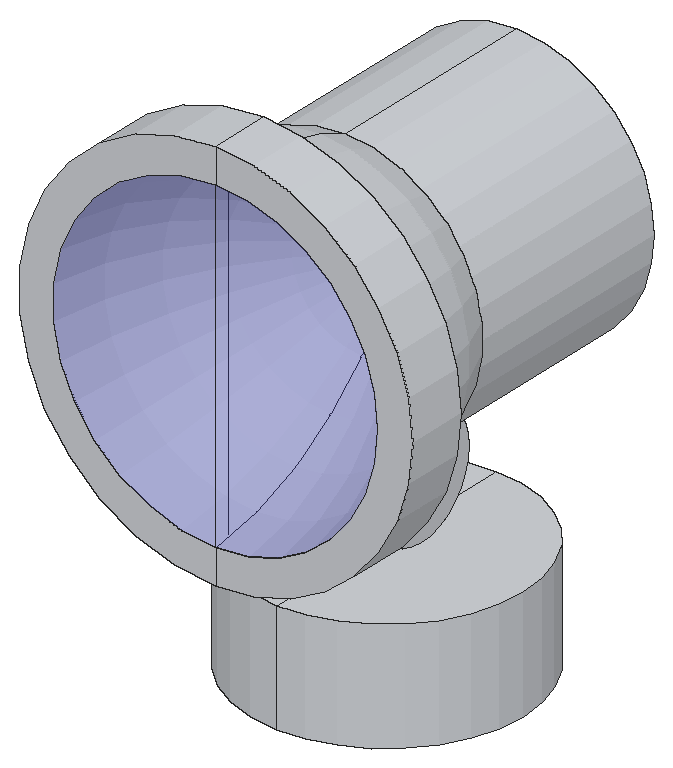
Revit family "77682_HOST_FACE", category Lighting Fixtures, host Face, Revit 2012
Parameters (values of type "Small Scale Floodlights")
  Wattage = 6.93407 W
  built-in parameter 1150110 = 1 (stored number, unit not read)
  URL = "www.bega-us.com"
  built-in parameter 1114217 = 1 (stored number, unit not read)
  Tilt Angle = 90.00°
  built-in parameter 1150109 = 1 (stored number, unit not read)
  built-in parameter 1150134 = 12
  Telephone = "805.684.0533"
  built-in parameter 1150113 = 1 (stored number, unit not read)
  Photometric Web File = "77682.IES"
  Model = "77682"
  Manufacturer = "BEGA-US"
  built-in parameter 1150105 = 81.965 (stored number, unit not read)
  Lumens = 1030 lm
  built-in parameter 1150115 = 1 (stored number, unit not read)
  built-in parameter 1150137 = (empty or 0)
  built-in parameter 1150139 = (empty or 0)
  built-in parameter 1150112 = 1 (stored number, unit not read)
  built-in parameter 1150114 = 1 (stored number, unit not read)
  Lamp = "19.6W LED"
  built-in parameter 1150132 = 2
  built-in parameter 1150102 = (empty or 0)
  built-in parameter 1150107 = 4000 (stored number, unit not read)
  built-in parameter 1150138 = (empty or 0)
  built-in parameter 1150106 = 0.81965 (stored number, unit not read)
  built-in parameter 1150104 = 13.8 (stored number, unit not read)
  Dimming Lamp Color Temperature Shift = <None>
  Description = "Small Scale Floodlight - LED"
  Default Elevation = 0' - 0"
  Color Filter = 16777215
  built-in parameter 1114218 = 1 (stored number, unit not read)
  built-in parameter 1150133 = 10 (stored number, unit not read)
Types (3): name | Wattage | built-in parameter 1150134 | Photometric Web File | Model | built-in parameter 1150105 | Lumens | Lamp | built-in parameter 1150107 | built-in parameter 1150106 | Description | Default Elevation
  (no name) | 6.93407 W | 12 | "77682.IES" | "77682" | 81.965 (stored number, unit not read) | 1030 lm | "19.6W LED" | 4000 (stored number, unit not read) | 0.81965 (stored number, unit not read) | "Small Scale Floodlight - LED" | 0' - 0"
  Type 1 | 9.2903 W | 3 | "generic" | 0' - 0" | 109.82 (stored number, unit not read) | 1380 lm | 0' - 0" | 3200 (stored number, unit not read) | 1.0982 (stored number, unit not read) | 0' - 0" | 4' - 0"
  Small Scale Floodlights | 6.93407 W | 12 | "77682.IES" | "77682" | 81.965 (stored number, unit not read) | 1030 lm | "19.6W LED" | 4000 (stored number, unit not read) | 0.81965 (stored number, unit not read) | "Small Scale Floodlight - LED" | 0' - 0"
Reference planes (in)
  plane 1 "Center (Front/Back)": y = 0
  plane 2: z = 0
  plane 3 "Center (Left/Right)": x = 0
Forms (in)
  Revolve 1, solid
    sketch origin (0, 0, 0) x (0, 1, 0) y (0, 0, 1)
      loop
        line (0, 0) -> (0, 1.625) -> (-2, 1.625) -> (-2, 0) -> (0, 0)
      axis (0, 0) -> (0, 1.625)
    angle from 0 to 360
  Extrusion 2, solid
    sketch origin (0, 0, 0) x (0, 1, 0) y (0, 0, 1)
      loop
        circle (0, 2.625) r 0.875
    from -0.5 to 0.5
  Revolve 3, solid
    sketch origin (0, 0, 0) x (0, 1, 0) y (0, 0, 1)
      loop
        line (-3.125, 8.125) -> (-3.125, 7.625)
        arc (-3.125, 7.625) -> (-1.33426, 7.0139) -> (0, 5.67228) r 4.15625
        line (0, 5.67228) -> (0, 5.25) -> (2.5, 5.25)
        arc (2.5, 5.25) -> (2.48303, 6.25285) -> (2.375, 7.25) r 11.02701
        line (2.375, 7.25) -> (-0.75, 7.25)
        arc (-0.75, 7.25) -> (-1.47692, 7.52983) -> (-2.25, 7.625) r 3.1875
        line (-2.25, 7.625) -> (-2.25, 8.125) -> (-3.125, 8.125)
      axis (2.5, 5.25) -> (-3.125, 5.25)
    angle from 0 to 360
  Extrusion 4, solid
    sketch origin (0, 0, 0) x (0, 1, 0) y (0, 0, 1)
      loop
        line (0, 1.625) -> (0.75, 1.625) -> (0.75, 2.17431) -> (-0.75, 2.17431) -> (-0.75, 1.625) -> (0, 1.625)
    from -0.25 to 0.25
  Revolve 5, solid, material "Glass"
    sketch origin (0, 0, 0) x (0, 1, 0) y (0, 0, 1)
      loop
        line (-3.125, 7.625) -> (-3.125, 5.25) -> (-2.875, 5.25) -> (-2.875, 7.625) -> (-3.125, 7.625)
      axis (-2.875, 5.25) -> (-3.125, 5.25)
    angle from 0 to 360
Dimensions and locks (in)
  aligned and locked: plane 2 to host face
  aligned and locked: level to host face
Connectors (in)
  electrical at (0, 0, 0)
    settings: on host face, index 1, voltage 0 V, apparent load 0 VA, apparent load phase1 0 VA, apparent load phase2 0 VA, apparent load phase3 0 VA, power factor 1, load classification "Other", number of poles 1, system type 31, power factor state 1, is connector primary yes, connector utility no, sub classification motor no, connector description ""
